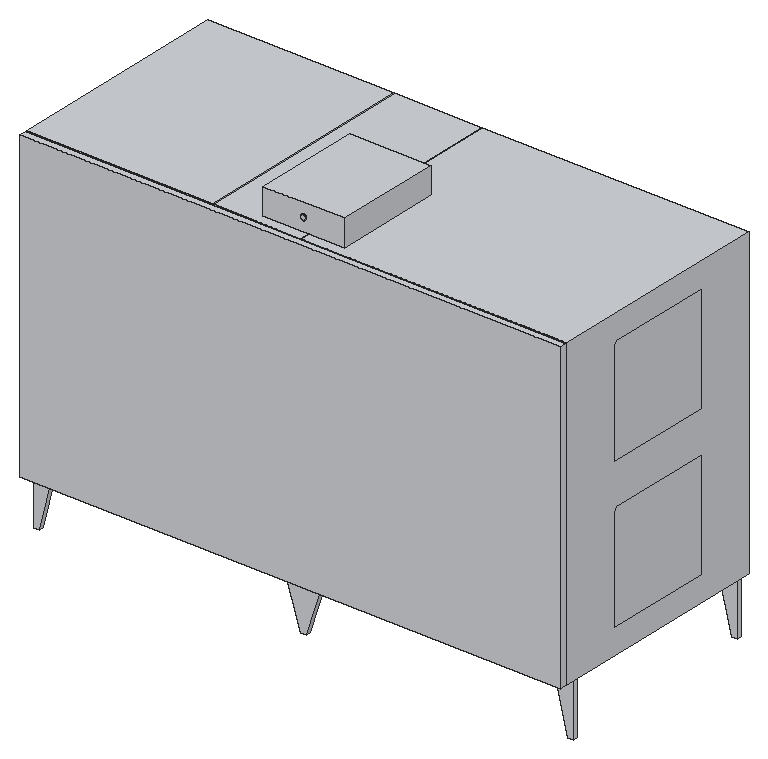
Revit family "AHU 1 _1", category Mechanické zařízení, Revit 2018
Family settings
  Kóta kulaté spojky = Použít průměr
  Typ dílu = Normální
  Číslo OmniClass = 23.75.00.00
  Nadpis OmniClass = Climate Control (HVAC)
  Založené na pracovní rovině = Ne
  Vždy vertikální = Ano
  Ořezat dutým tvarem při načtení = Ne
  Sdílené = Ne
  Bod výpočtu místnosti = Ne
Parameters (values of type "DUPLEXVENT 1500 Rotary")
  Width [instance] = 0.88 mm
  Weight [instance] = 349.00 kg
  URL = ""
  Type [instance] = "DUPLEXVENT 1500 Rotary"
  Total_SFP [instance] = 0
  Supply_outlet_hum [instance] = 90
  Supply_inlet_hum [instance] = 90
  Supply_ext_pressure [instance] = 0.0 Pa
  Supply_SFP [instance] = 0
  Source_adu_file [instance] = ""
  Recuperation_type [instance] = "Rotation regeneration exchanger"
  Recuperation_efficiency_EN308 [instance] = 0
  Project_name [instance] = ""
  Project_date [instance] = "10.8.2023"
  Power_supply_fusing [instance] = "0"
  Power_supply_cable [instance] = "0"
  Position [instance] = "AHU 1 "
  Phases_count [instance] = 1
  Panel_thickness [instance] = 0.06 mm
  Outer_surface [instance] = "RAL 9002"
  Length [instance] = 2.03 mm
  Insulation_type [instance] = "PUR"
  Insulation_thickness [instance] = 0.05 mm
  Installation_environment [instance] = ""
  Input_power_max [instance] = 770 W
  Inner_surface [instance] = "Pozink"
  I2 [instance] = I1  # 0.0 L/s
  Height [instance] = 1.15 mm
  Exhaust_outlet_hum [instance] = 40
  Exhaust_inlet_hum [instance] = 40
  Exhaust_ext_pressure [instance] = 0.0 Pa
  Exhaust_SFP [instance] = 0
  E1 [instance] = E2 - M1  # 0.0 L/s
  E2 [instance] = 0.0 L/s
  I1 [instance] = 0.0 L/s
  Description = ""
  M1 [instance] = 0.0 L/s
  Device_dutypoint_version [instance] = "0"
  Device_design_version [instance] = "9"
  Device_adu_id [instance] = "1"
  Current_max [instance] = 5 A
  Casing_mat [instance] = "painted zinc layer"
  Cable type [instance] = "CYKY 3Jx2,5"
Reference planes
  plane 1 "Střed (vpředu/vzadu)": y = 0
  plane 2 "ref": z = 0
  plane 3 "Střed (vlevo/vpravo)": x = 0
Forms (mm)
  Sweep 1, solid
    path origin (0, 0, 0) x (0, 0, 1) y (1, 0, 0)
      loop
        line (0, 0) -> (1150, 0)
    profile origin (0, 0, 0) x (1, 0, 0) y (0, 1, 0)
      loop
        line (0, 0) -> (700, 0) -> (700, 850) -> (0, 850) -> (0, 0)
  Sweep 2, solid
    path origin (0, 0, 0) x (0, 0, 1) y (1, 0, 0)
      loop
        line (0, 0) -> (1150, 0)
    profile origin (0, 0, 0) x (1, 0, 0) y (0, 1, 0)
      loop
        line (700, 0) -> (1030, 0) -> (1030, 850) -> (700, 850) -> (700, 0)
  Sweep 3, solid
    path origin (0, 0, 0) x (0, 0, 1) y (1, 0, 0)
      loop
        line (0, 0) -> (1150, 0)
    profile origin (0, 0, 0) x (1, 0, 0) y (0, 1, 0)
      loop
        line (1030, 0) -> (2030, 0) -> (2030, 850) -> (1030, 850) -> (1030, 0)
  Sweep 4, solid
    path origin (1, 425, 855) x (0, 1, 0) y (-1, 0, 0)
      loop
        line (0, 0) -> (0, 1)
    profile origin (1, 425, 855) x (0, -1, 0) y (0, 0, 1)
      loop
        line (-200, -200) -> (200, -200) -> (200, 200) -> (-200, 200) -> (-200, -200)
  Sweep 5, solid
    path origin (2029, 425, 855) x (1, 0, 0) y (0, 1, 0)
      loop
        line (0, 0) -> (1, 0)
    profile origin (2029, 425, 855) x (0, 1, 0) y (0, 0, 1)
      loop
        line (-200, 200) -> (-200, -200) -> (200, -200) -> (200, 200) -> (-200, 200)
  Sweep 6, solid
    path origin (2029, 425, 295) x (1, 0, 0) y (0, 1, 0)
      loop
        line (0, 0) -> (1, 0)
    profile origin (2029, 425, 295) x (0, 1, 0) y (0, 0, 1)
      loop
        line (-200, 200) -> (-200, -200) -> (200, -200) -> (200, 200) -> (-200, 200)
  Sweep 7, solid
    path origin (1, 425, 295) x (0, 1, 0) y (-1, 0, 0)
      loop
        line (0, 0) -> (0, 1)
    profile origin (1, 425, 295) x (0, -1, 0) y (0, 0, 1)
      loop
        line (-200, -200) -> (200, -200) -> (200, 200) -> (-200, 200) -> (-200, -200)
  Sweep 8, solid
    path origin (0, 0, 0) x (0, 0, 1) y (1, 0, 0)
      loop
        line (0, 0) -> (1150, 0)
    profile origin (0, 0, 0) x (1, 0, 0) y (0, 1, 0)
      loop
        line (0, -30) -> (2030, -30) -> (2030, -5) -> (0, -5) -> (0, -30)
  Sweep 9, solid
    path origin (11, 48, 0) x (1, 0, 0) y (0, 1, 0)
      loop
        line (0, 0) -> (0, -15)
    profile origin (11, 48, 0) x (1, 0, 0) y (0, 0, 1)
      loop
        line (-11, 0) -> (-11, -200) -> (11, -200) -> (60, 0) -> (-11, 0)
  Sweep 10, solid
    path origin (1015, 48, 0) x (1, 0, 0) y (0, 1, 0)
      loop
        line (0, 0) -> (0, -15)
    profile origin (1015, 48, 0) x (1, 0, 0) y (0, 0, 1)
      loop
        line (-75, 0) -> (-11, -200) -> (11, -200) -> (75, 0) -> (-75, 0)
  Sweep 11, solid
    path origin (2018, 48, 0) x (1, 0, 0) y (0, 1, 0)
      loop
        line (0, 0) -> (0, -15)
    profile origin (2018, 48, 0) x (1, 0, 0) y (0, 0, 1)
      loop
        line (-60, 0) -> (-11, -200) -> (11, -200) -> (11, 0) -> (-60, 0)
  Sweep 12, solid
    path origin (11, 818, 0) x (1, 0, 0) y (0, 1, 0)
      loop
        line (0, 0) -> (0, -15)
    profile origin (11, 818, 0) x (1, 0, 0) y (0, 0, 1)
      loop
        line (-11, 0) -> (-11, -200) -> (11, -200) -> (60, 0) -> (-11, 0)
  Sweep 13, solid
    path origin (1015, 818, 0) x (1, 0, 0) y (0, 1, 0)
      loop
        line (0, 0) -> (0, -15)
    profile origin (1015, 818, 0) x (1, 0, 0) y (0, 0, 1)
      loop
        line (-75, 0) -> (-11, -200) -> (11, -200) -> (75, 0) -> (-75, 0)
  Sweep 14, solid
    path origin (2018, 818, 0) x (1, 0, 0) y (0, 1, 0)
      loop
        line (0, 0) -> (0, -15)
    profile origin (2018, 818, 0) x (1, 0, 0) y (0, 0, 1)
      loop
        line (-60, 0) -> (-11, -200) -> (11, -200) -> (11, 0) -> (-60, 0)
  Sweep 15, solid
    path origin (0, 0, 1150) x (0, 0, 1) y (1, 0, 0)
      loop
        line (0, 0) -> (100, 0)
    profile origin (0, 0, 1150) x (1, 0, 0) y (0, 1, 0)
      loop
        line (860, 35) -> (1165, 35) -> (1165, 440) -> (860, 440) -> (860, 35)
  Sweep 16, solid
    path origin (1012, 35, 1200) x (0, 1, 0) y (-1, 0, 0)
      loop
        line (0, 0) -> (-1, 0)
    profile origin (1012, 35, 1200) x (1, 0, 0) y (0, 0, 1)
      loop
        circle (0, 0) r 10
Lines and regions (mm)
  model lines, style "Symbol"
    curve 1: line (865, -30, 0) -> (865, -30, 230)
    curve 2: line (865, -30, 1150) -> (865, -30, 920)
    curve 3: line (700, -30, 575) -> (1030, -30, 575)
    curve 4: line (0, -30, 575) -> (700, -30, 575)
    curve 5: line (2030, -30, 575) -> (1030, -30, 575)
    curve 6: line (733, -30, 58) -> (733, -30, 1093)
    curve 7: line (733, -30, 1093) -> (997, -30, 1093)
    curve 8: line (997, -30, 1093) -> (997, -30, 58)
    curve 9: line (997, -30, 58) -> (733, -30, 58)
    curve 10: line (733, -30, 575) -> (997, -30, 575)
    curve 11: line (967, -30, 468) -> (956, -30, 368)
    curve 12: line (956, -30, 368) -> (940, -30, 282)
    curve 13: line (940, -30, 282) -> (918, -30, 216)
    curve 14: line (918, -30, 216) -> (892, -30, 175)
    curve 15: line (892, -30, 175) -> (865, -30, 161)
    curve 16: line (865, -30, 161) -> (838, -30, 175)
    curve 17: line (838, -30, 175) -> (812, -30, 216)
    curve 18: line (812, -30, 216) -> (790, -30, 282)
    curve 19: line (790, -30, 282) -> (774, -30, 368)
    curve 20: line (774, -30, 368) -> (763, -30, 468)
    curve 21: line (763, -30, 468) -> (759, -30, 575)
    curve 22: line (759, -30, 575) -> (763, -30, 682)
    curve 23: line (763, -30, 682) -> (774, -30, 782)
    curve 24: line (774, -30, 782) -> (790, -30, 868)
    curve 25: line (790, -30, 868) -> (812, -30, 934)
    curve 26: line (812, -30, 934) -> (838, -30, 975)
    curve 27: line (838, -30, 975) -> (865, -30, 989)
    curve 28: line (865, -30, 989) -> (892, -30, 975)
    curve 29: line (892, -30, 975) -> (918, -30, 934)
    curve 30: line (918, -30, 934) -> (940, -30, 868)
    curve 31: line (940, -30, 868) -> (956, -30, 782)
    curve 32: line (956, -30, 782) -> (967, -30, 682)
    curve 33: line (967, -30, 682) -> (930, -30, 796)
    curve 34: line (967, -30, 682) -> (972, -30, 806)
    curve 35: line (1777, -30, 944) -> (1961, -30, 913)
    curve 36: line (1777, -30, 781) -> (1961, -30, 812)
    curve 37: line (253, -30, 206) -> (69, -30, 237)
    curve 38: line (253, -30, 369) -> (69, -30, 338)
    curve 39: line (244, -30, 690) -> (244, -30, 1035)
    curve 40: line (244, -30, 1035) -> (365, -30, 1035)
    curve 41: line (365, -30, 1035) -> (365, -30, 690)
    curve 42: line (365, -30, 690) -> (244, -30, 690)
    curve 43: line (304, -30, 690) -> (365, -30, 863)
    curve 44: line (304, -30, 1035) -> (365, -30, 863)
    curve 45: line (1786, -30, 460) -> (1786, -30, 115)
    curve 46: line (1786, -30, 115) -> (1665, -30, 115)
    curve 47: line (1665, -30, 115) -> (1665, -30, 460)
    curve 48: line (1665, -30, 460) -> (1786, -30, 460)
    curve 49: line (1726, -30, 460) -> (1665, -30, 287)
    curve 50: line (1726, -30, 115) -> (1665, -30, 287)
    curve 51: line (0, -1030, 0) -> (0, 0, 0)
    curve 52: line (2030, -1030, 0) -> (2030, 0, 0)
    curve 53: line (0, -1030, 0) -> (2030, -1030, 0)
    curve 54: line (0, -1030, 1150) -> (0, 0, 1150)
    curve 55: line (2030, -1030, 1150) -> (2030, 0, 1150)
    curve 56: line (0, -1030, 1150) -> (2030, -1030, 1150)
    curve 57: line (0, -1030, 0) -> (0, -1030, 1150)
    curve 58: line (2030, -1030, 0) -> (2030, -1030, 1150)
    curve 59: line (0, -1030, 950) -> (200, -1030, 1150)
    curve 60: line (0, -1030, 750) -> (400, -1030, 1150)
    curve 61: line (0, -1030, 550) -> (600, -1030, 1150)
    curve 62: line (0, -1030, 350) -> (800, -1030, 1150)
    curve 63: line (0, -1030, 150) -> (1000, -1030, 1150)
    curve 64: line (50, -1030, 0) -> (1200, -1030, 1150)
    curve 65: line (250, -1030, 0) -> (1400, -1030, 1150)
    curve 66: line (450, -1030, 0) -> (1600, -1030, 1150)
    curve 67: line (650, -1030, 0) -> (1800, -1030, 1150)
    curve 68: line (850, -1030, 0) -> (2000, -1030, 1150)
    curve 69: line (1050, -1030, 0) -> (2030, -1030, 980)
    curve 70: line (1250, -1030, 0) -> (2030, -1030, 780)
    curve 71: line (1450, -1030, 0) -> (2030, -1030, 580)
    curve 72: line (1650, -1030, 0) -> (2030, -1030, 380)
    curve 73: line (1850, -1030, 0) -> (2030, -1030, 180)
    curve 74: line (2030, -1030, 950) -> (2030, -830, 1150)
    curve 75: line (2030, -1030, 750) -> (2030, -630, 1150)
    curve 76: line (2030, -1030, 550) -> (2030, -430, 1150)
    curve 77: line (2030, -1030, 350) -> (2030, -230, 1150)
    curve 78: line (2030, -1030, 150) -> (2030, -30, 1150)
    curve 79: line (2030, -980, 0) -> (2030, 0, 980)
    curve 80: line (2030, -780, 0) -> (2030, 0, 780)
    curve 81: line (2030, -580, 0) -> (2030, 0, 580)
    curve 82: line (2030, -380, 0) -> (2030, 0, 380)
    curve 83: line (2030, -180, 0) -> (2030, 0, 180)
    curve 84: line (0, -830, 1150) -> (200, -1030, 1150)
    curve 85: line (0, -630, 1150) -> (400, -1030, 1150)
    curve 86: line (0, -430, 1150) -> (600, -1030, 1150)
    curve 87: line (0, -230, 1150) -> (800, -1030, 1150)
    curve 88: line (0, -30, 1150) -> (1000, -1030, 1150)
    curve 89: line (170, 0, 1150) -> (1200, -1030, 1150)
    curve 90: line (370, 0, 1150) -> (1400, -1030, 1150)
    curve 91: line (570, 0, 1150) -> (1600, -1030, 1150)
    curve 92: line (770, 0, 1150) -> (1800, -1030, 1150)
    curve 93: line (970, 0, 1150) -> (2000, -1030, 1150)
    curve 94: line (1170, 0, 1150) -> (2030, -860, 1150)
    curve 95: line (1370, 0, 1150) -> (2030, -660, 1150)
    curve 96: line (1570, 0, 1150) -> (2030, -460, 1150)
    curve 97: line (1770, 0, 1150) -> (2030, -260, 1150)
    curve 98: line (1970, 0, 1150) -> (2030, -60, 1150)
    curve 99: line (0, 0, 1890) -> (0, 0, 1150)
    curve 100: line (2030, 0, 1890) -> (2030, 0, 1150)
    curve 101: line (0, 0, 1890) -> (2030, 0, 1890)
    curve 102: line (0, 850, 1890) -> (0, 850, 1150)
    curve 103: line (2030, 850, 1890) -> (2030, 850, 1150)
    curve 104: line (0, 850, 1890) -> (2030, 850, 1890)
    curve 105: line (0, 0, 1890) -> (0, 850, 1890)
    curve 106: line (2030, 0, 1890) -> (2030, 850, 1890)
    curve 107: line (0, 650, 1890) -> (200, 850, 1890)
    curve 108: line (0, 450, 1890) -> (400, 850, 1890)
    curve 109: line (0, 250, 1890) -> (600, 850, 1890)
    curve 110: line (0, 50, 1890) -> (800, 850, 1890)
    curve 111: line (150, 0, 1890) -> (1000, 850, 1890)
    curve 112: line (350, 0, 1890) -> (1200, 850, 1890)
    curve 113: line (550, 0, 1890) -> (1400, 850, 1890)
    curve 114: line (750, 0, 1890) -> (1600, 850, 1890)
    curve 115: line (950, 0, 1890) -> (1800, 850, 1890)
    curve 116: line (1150, 0, 1890) -> (2000, 850, 1890)
    curve 117: line (1350, 0, 1890) -> (2030, 680, 1890)
    curve 118: line (1550, 0, 1890) -> (2030, 480, 1890)
    curve 119: line (1750, 0, 1890) -> (2030, 280, 1890)
    curve 120: line (1950, 0, 1890) -> (2030, 80, 1890)
    curve 121: line (2030, 650, 1890) -> (2030, 850, 1690)
    curve 122: line (2030, 450, 1890) -> (2030, 850, 1490)
    curve 123: line (2030, 250, 1890) -> (2030, 850, 1290)
    curve 124: line (2030, 50, 1890) -> (2030, 790, 1150)
    curve 125: line (2030, 0, 1740) -> (2030, 590, 1150)
    curve 126: line (2030, 0, 1540) -> (2030, 390, 1150)
    curve 127: line (2030, 0, 1340) -> (2030, 190, 1150)
    curve 128: line (0, 850, 1690) -> (200, 850, 1890)
    curve 129: line (0, 850, 1490) -> (400, 850, 1890)
    curve 130: line (0, 850, 1290) -> (600, 850, 1890)
    curve 131: line (60, 850, 1150) -> (800, 850, 1890)
    curve 132: line (260, 850, 1150) -> (1000, 850, 1890)
    curve 133: line (460, 850, 1150) -> (1200, 850, 1890)
    curve 134: line (660, 850, 1150) -> (1400, 850, 1890)
    curve 135: line (860, 850, 1150) -> (1600, 850, 1890)
    curve 136: line (1060, 850, 1150) -> (1800, 850, 1890)
    curve 137: line (1260, 850, 1150) -> (2000, 850, 1890)
    curve 138: line (1460, 850, 1150) -> (2030, 850, 1720)
    curve 139: line (1660, 850, 1150) -> (2030, 850, 1520)
    curve 140: line (1860, 850, 1150) -> (2030, 850, 1320)
    curve 141: line (0, -30, 0) -> (0, -30, 1150)
    curve 142: line (0, -30, 1150) -> (1012, -30, 1150)
    curve 143: line (1012, -30, 1150) -> (1012, -30, 0)
    curve 144: line (1012, -30, 0) -> (0, -30, 0)
    curve 145: line (1018, -30, 0) -> (1018, -30, 1150)
    curve 146: line (1018, -30, 1150) -> (2030, -30, 1150)
    curve 147: line (2030, -30, 1150) -> (2030, -30, 0)
    curve 148: line (2030, -30, 0) -> (1018, -30, 0)
    curve 149: line (0, -30, 0) -> (2030, -30, 0)
    curve 150: line (0, -30, 1150) -> (2030, -30, 1150)
    curve 151: line (0, -30, 0) -> (0, -30, 1150)
    curve 152: line (2030, -30, 0) -> (2030, -30, 1150)
    curve 153: line (0, -30, 0) -> (0, -5, 0)
    curve 154: line (2030, -30, 0) -> (2030, -5, 0)
    curve 155: line (0, -30, 1150) -> (0, -5, 1150)
    curve 156: line (2030, -30, 1150) -> (2030, -5, 1150)
    curve 157: circle (1857, -30, 863) r 115 normal (0, -1, 0)
    curve 158: circle (172, -30, 287) r 115 normal (0, -1, 0)
Dimensions and locks
  aligned and locked: level to plane 2 "ref"
Connectors
  hvac at (0, 425, 855), driven by "E1"
    settings: on Sweep 4, index 1, duct flow 0.0 L/s, flow factor 0, pres drop 0.0 Pa, loss coef 0, conn angle 0.00°, conn width 400 mm, conn height 400 mm, conn diameter 609.6 mm, duct sys type 1, conn prof type 1, flow config 1, flow direction 1, loss method 0, conn ref index -1, conn util no, is conn primary yes, conn desc ""
  hvac at (2030, 425, 855), driven by "E2"
    settings: on Sweep 5, index 2, duct flow 0.0 L/s, flow factor 1, pres drop 0.0 Pa, loss coef 0, conn angle 0.00°, conn width 400 mm, conn height 400 mm, conn diameter 609.6 mm, duct sys type 1, conn prof type 1, flow config 2, flow direction 2, loss method 0, conn ref index -1, conn util no, is conn primary no, conn desc ""
  hvac at (2030, 425, 295), driven by "I1"
    settings: on Sweep 6, index 3, duct flow 0.0 L/s, flow factor 1, pres drop 0.0 Pa, loss coef 0, conn angle 0.00°, conn width 400 mm, conn height 400 mm, conn diameter 609.6 mm, duct sys type 3, conn prof type 1, flow config 2, flow direction 1, loss method 0, conn ref index -1, conn util no, is conn primary no, conn desc ""
  hvac at (0, 425, 295), driven by "I2"
    settings: on Sweep 7, index 4, duct flow 0.0 L/s, flow factor 0, pres drop 0.0 Pa, loss coef 0, conn angle 0.00°, conn width 400 mm, conn height 400 mm, conn diameter 609.6 mm, duct sys type 3, conn prof type 1, flow config 1, flow direction 2, loss method 0, conn ref index -1, conn util no, is conn primary no, conn desc ""
  electrical at (1012, 34, 1200)
    settings: on Sweep 16, index 5, voltage 230 V, apparent load 0 VA, apparent load phase1 0 VA, apparent load phase2 0 VA, apparent load phase3 0 VA, power factor 1, load classification "Další", number of poles 1, system type 31, power factor state 1, is connector primary yes, connector utility no, sub classification motor no, connector description ""
